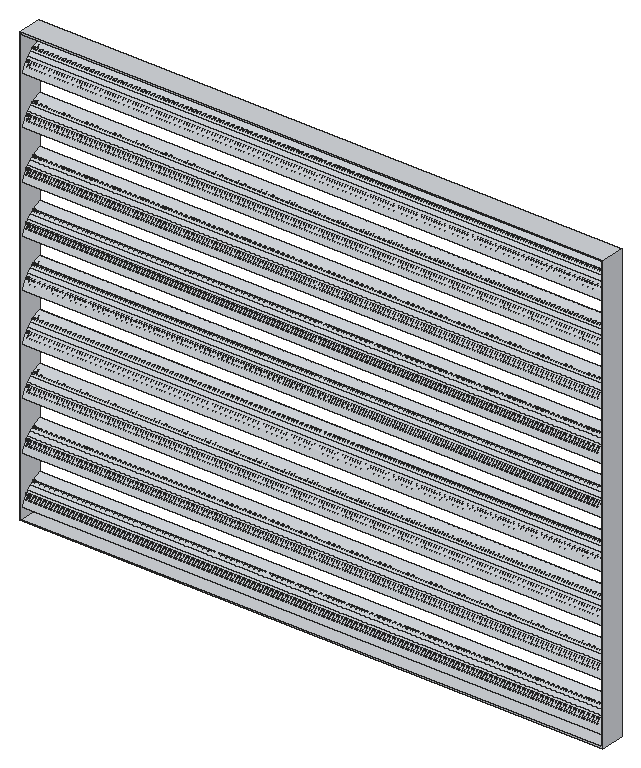
Revit family "Airfoil-Bloc Screen", category Mechanical Equipment, Revit 2015
Parameters
  URL = "http://unitedenertech.com/catalog/pdf/D_4%20AIRFOIL-BLOC%20SCREEN.pdf"
  Type Comments = "Max. Single Section Sizes are (120\"w x 84\"h) or (84\"w x 120\"h)"
  Model = "Airfoil-Bloc Screen"
  Manufacturer = "United Enertech Corporation"
  Keynote = "See Submittal for Max. A, Depth, and Thickness Values."
  Frame Thickness = 0' - 0 1/8"
  Exact Width = 8' - 0"
  Exact Height = 6' - 0"
  Description = "Airfoil-Bloc Architectural Grille. Bar Frame shown, consult factory for Tube or Channel Frame Models."
  Depth = 0' - 4"
  Center Offset (Width) [instance] = ((cos(Blade Angle)) * 0' 5 31/256") / 2  # 0' - 1.81058"
  Center Offset (Height) [instance] = ((sin(Blade Angle)) * 0' 5 31/256") / 2  # 0' - 1.81058"
  Blade Number [instance] = (Exact Height - Frame Thickness * 2 - 0' 2") / A  # 9
  Blade Length [instance] = Exact Width - Frame Thickness * 2  # 7' - 11 3/4"
  Blade Angle = 45.00°
  A = 0' - 8"
Reference planes (in)
  plane 1 "Center (Front/Back)": y = 0
  plane 2: z = 0
  plane 3 "Center (Left/Right)": x = 0
  plane 4: x = -48
  plane 5: x = 48
  plane 6: y = 2
  plane 7: y = -2
  plane 8: z = 72
  plane 9: z = 36
  plane 10: x = -47.875
  plane 11: x = 47.875
  plane 12: z = 0.125
  plane 13: z = 71.875
  plane 14: y = 1.81058
Forms (in)
  Extrusion 1, solid
    sketch origin (0, 0, 0) x (1, 0, 0) y (0, 0, 1)
      loop
        line (-47.875, 71.875) -> (-47.875, 0.125) -> (47.875, 0.125) -> (47.875, 71.875) -> (-47.875, 71.875)
      loop
        line (-48, 72) -> (-48, 0) -> (48, 0) -> (48, 72) -> (-48, 72)
    from -2 to 2
Dimensions and locks (in)
  "Exact Width": plane 4 to plane 5
  "Depth": plane 6 to plane 7
  equal spacing: plane 4, plane 3 "Center (Left/Right)", plane 5
  equal spacing: plane 6, plane 1 "Center (Front/Back)", plane 7
  equal spacing: plane 8, plane 9, level
  "Exact Height": plane 8 to level
  "Frame Thickness": plane 11 to plane 5
  "Frame Thickness": plane 4 to plane 10
  "Frame Thickness": plane 12 to level
  "Frame Thickness": plane 8 to plane 13
  "Center Offset (Width)": plane 14 to plane 1 "Center (Front/Back)"
  equal spacing: group 1, group 2, group 3, group 4, group 5, group 6, group 7, group 8, group 9  (x3)
  "A": nested 1 to nested 2
  aligned and locked: level to plane 2
  aligned and locked: level to Extrusion 1 sketch curve
  aligned and locked: plane 4 to Extrusion 1 sketch curve
  aligned and locked: Extrusion 1 sketch curve to plane 5
  aligned and locked: plane 12 to Extrusion 1 sketch curve
  aligned and locked: plane 11 to Extrusion 1 sketch curve
  aligned and locked: plane 10 to Extrusion 1 sketch curve
  aligned and locked: Extrusion 1 sketch curve to plane 8
  aligned and locked: plane 13 to Extrusion 1 sketch curve
  aligned and locked: Extrusion 1 to plane 6
  aligned and locked: Extrusion 1 to plane 7
  aligned and locked: plane 3 "Center (Left/Right)" to nested 1
  aligned and locked: plane 14 to nested 1
  aligned and locked: nested 1 to nested 2
Nested families (in)
  nested 1: "AB" at (0, 1.81058, 5.5592), type "AB"
    with L 7' - 11 3/4"
  nested 2: "AB" at (0, 1.81058, 13.5592), type "AB"
    with L 7' - 11 3/4"
  nested 3: "AB" at (0, 1.81058, 21.5592), type "AB"
    with L 7' - 11 3/4"
  nested 4: "AB" at (0, 1.81058, 29.5592), type "AB"
    with L 7' - 11 3/4"
  nested 5: "AB" at (0, 1.81058, 37.5592), type "AB"
    with L 7' - 11 3/4"
  nested 6: "AB" at (0, 1.81058, 45.5592), type "AB"
    with L 7' - 11 3/4"
  nested 7: "AB" at (0, 1.81058, 53.5592), type "AB"
    with L 7' - 11 3/4"
  nested 8: "AB" at (0, 1.81058, 61.5592), type "AB"
    with L 7' - 11 3/4"
  nested 9: "AB" at (0, 1.81058, 69.5592), type "AB"
    with L 7' - 11 3/4"
Definition of nested family "AB"
  Parameters (values of type "AB")
    L = 4' - 8"
    A = 45.00°
  Reference planes (in)
    plane 1 "Center (Front/Back)": y = 0
    plane 2: z = 0
    plane 3 "Center (Left/Right)": x = 0
    plane 4: x = -28
    plane 5: x = 28
  Dimensions and locks (in)
    equal spacing: plane 4, plane 3 "Center (Left/Right)", plane 5
    "L": plane 4 to plane 5
    "A": angle nested 1 to level
    aligned and locked: level to plane 2
    aligned and locked: plane 3 "Center (Left/Right)" to nested 1
  Nested families (in)
    nested 1: "Airfoil Blader" at (0, 0, 0) x (1, 0, 0) z (0, -0.7071, 0.7071), type "Airfoil Blader"
      with Length 4' - 8"
  Definition of nested family "Airfoil Blader"
    Parameters (values of type "Airfoil Blader")
      Length = 3' - 10"
      Blade Angle = 30.00°
    Reference planes (in)
      plane 1 "Center (Front/Back)": y = 0
      plane 2: z = 0
      plane 3 "Center (Left/Right)": x = 0
      plane 4: z = -0.61169
      plane 5: z = 0.61169
      plane 6: x = -23
      plane 7: x = 23
    Forms (in)
      Extrusion 1, solid
        sketch origin (0, 5.17054, -4.80797) x (0, 0.965926, -0.258819) y (0, 0.258819, 0.965926)
          loop
            line (-8.50119, 3.33296) -> (-9.23074, 3.13748)
            arc (-9.23074, 3.13748) -> (-10.26662, 2.65874) -> (-11.1846, 1.98085) r 5.62676
            arc (-11.1846, 1.98085) -> (-10.05146, 1.85223) -> (-8.91571, 1.95535) r 5.61154
            line (-8.91571, 1.95535) -> (-8.13728, 2.16393)
            arc (-8.13728, 2.16393) -> (-7.12869, 2.62458) -> (-6.23034, 3.2745) r 5.61289
            line (-6.23034, 3.2745) -> (-6.23875, 3.30591)
            arc (-6.23875, 3.30591) -> (-7.3686, 3.43435) -> (-8.50119, 3.33296) r 5.62545
          loop
            arc (-11.00471, 2.01204) -> (-10.54149, 1.94535) -> (-10.07429, 1.91801) r 5.53815
            arc (-10.07429, 1.91801) -> (-10.0927, 2.04131) -> (-10.02984, 2.14897) r 0.18779
            line (-10.02984, 2.14897) -> (-9.96816, 2.07003)
            arc (-9.96816, 2.07003) -> (-9.89608, 1.91889) -> (-9.86846, 2.08404) r 0.08779
            line (-9.86846, 2.08404) -> (-9.83093, 2.17693)
            arc (-9.83093, 2.17693) -> (-9.7315, 2.06911) -> (-9.73992, 1.9227) r 0.18779
            arc (-9.73992, 1.9227) -> (-8.48112, 2.12528) -> (-7.30201, 2.61037) r 5.53815
            arc (-7.30201, 2.61037) -> (-7.3539, 2.72706) -> (-7.31915, 2.84996) r 0.18779
            line (-7.31915, 2.84996) -> (-7.2402, 2.78828)
            arc (-7.2402, 2.78828) -> (-7.1337, 2.65907) -> (-7.14685, 2.826) r 0.08779
            line (-7.14685, 2.826) -> (-7.13291, 2.9252)
            arc (-7.13291, 2.9252) -> (-7.02977, 2.86908) -> (-6.98012, 2.76267) r 0.18779
            arc (-6.98012, 2.76267) -> (-6.63263, 3.00423) -> (-6.30447, 3.27147) r 5.57217
            arc (-6.30447, 3.27147) -> (-6.95909, 3.3627) -> (-7.61991, 3.37579) r 5.57217
            arc (-7.61991, 3.37579) -> (-7.60141, 3.21013) -> (-7.72196, 3.09502) r 0.18779
            line (-7.72196, 3.09502) -> (-7.74789, 3.19178)
            arc (-7.74789, 3.19178) -> (-7.75518, 3.35907) -> (-7.84514, 3.21784) r 0.08779
            line (-7.84514, 3.21784) -> (-7.91597, 3.14701)
            arc (-7.91597, 3.14701) -> (-7.95957, 3.22675) -> (-7.96061, 3.31763) r 0.18779
            arc (-7.96061, 3.31763) -> (-8.7592, 3.17664) -> (-9.52864, 2.92053) r 5.53815
            arc (-9.52864, 2.92053) -> (-9.46864, 2.83604) -> (-9.46259, 2.73259) r 0.18779
            line (-9.46259, 2.73259) -> (-9.55935, 2.75852)
            arc (-9.55935, 2.75852) -> (-9.70787, 2.83585) -> (-9.63054, 2.68733) r 0.08779
            line (-9.63054, 2.68733) -> (-9.60462, 2.59056)
            arc (-9.60462, 2.59056) -> (-9.76657, 2.62998) -> (-9.83337, 2.78269) r 0.18779
            arc (-9.83337, 2.78269) -> (-10.44353, 2.43459) -> (-11.00471, 2.01204) r 5.53815
        from -23 to 23
    Lines and regions (in)
      reference lines
        curve 1: line (0, 0, 0) -> (0, -9.31727, 0)
    Dimensions and locks (in)
      equal spacing: plane 5, level, plane 4
      equal spacing: plane 6, plane 3 "Center (Left/Right)", plane 7
      "Length": plane 6 to plane 7
      aligned and locked: level to plane 2
      aligned and locked: plane 1 "Center (Front/Back)" to Extrusion 1 sketch curve
      aligned and locked: Extrusion 1 to plane 1 "Center (Front/Back)"  (x2)
      aligned and locked: Extrusion 1 to plane 4
      aligned and locked: plane 5 to Extrusion 1
      aligned and locked: plane 6 to Extrusion 1
      aligned and locked: plane 7 to Extrusion 1
      aligned and locked: level to Extrusion 1
    Automatic sketch dimensions
      curve 1 to level = 0' - 0"
      curve 1 to plane 1 "Center (Front/Back)" = 0' - 0"
      plane 1 "Center (Front/Back)" to curve 1 = 0' - 9.31727"
      Extrusion 1 sketch curve to Extrusion 1 sketch curve = 0' - 0.03626"  (x6)
      Extrusion 1 sketch curve to Extrusion 1 sketch curve = 0' - 0.00134"  (x6)
      Extrusion 1 sketch curve to Extrusion 1 sketch curve = 0' - 0"  (x50)
      Extrusion 1 sketch curve to level = 0' - 0.01626"  (x2)
      Extrusion 1 sketch curve to Extrusion 1 sketch curve = 0' - 0.01394"
      Extrusion 1 sketch curve to Extrusion 1 sketch curve = 0' - 0.01973"
      Extrusion 1 sketch curve to Extrusion 1 sketch curve = 0' - 0.07362"
      Extrusion 1 sketch curve to Extrusion 1 sketch curve = 0' - 0.07894"  (x2)
      Extrusion 1 sketch curve to Extrusion 1 sketch curve = 0' - 0.23372"
      Extrusion 1 sketch curve to Extrusion 1 sketch curve = 0' - 0.40281"
      Extrusion 1 sketch curve to Extrusion 1 sketch curve = 0' - 0.02593"  (x3)
      Extrusion 1 sketch curve to Extrusion 1 sketch curve = 0' - 0.03001"
      Extrusion 1 sketch curve to Extrusion 1 sketch curve = 0' - 0.06724"
      Extrusion 1 sketch curve to Extrusion 1 sketch curve = 0' - 0.07084"  (x2)
      Extrusion 1 sketch curve to Extrusion 1 sketch curve = 0' - 0.22131"
      Extrusion 1 sketch curve to Extrusion 1 sketch curve = 0' - 0.58522"
      Extrusion 1 sketch curve to Extrusion 1 sketch curve = 0' - 0.77843"
      Extrusion 1 sketch curve to Extrusion 1 sketch curve = 0' - 0.23185"
      Extrusion 1 sketch curve to Extrusion 1 sketch curve = 0' - 0.09676"  (x3)
      Extrusion 1 sketch curve to Extrusion 1 sketch curve = 0' - 0.04527"  (x2)
      Extrusion 1 sketch curve to Extrusion 1 sketch curve = 0' - 0.01526"
      Extrusion 1 sketch curve to Extrusion 1 sketch curve = 0' - 0.22632"
      Extrusion 1 sketch curve to Extrusion 1 sketch curve = 0' - 0.03753"
      Extrusion 1 sketch curve to Extrusion 1 sketch curve = 0' - 0.03984"
      Extrusion 1 sketch curve to Extrusion 1 sketch curve = 0' - 0.05986"
      Extrusion 1 sketch curve to Extrusion 1 sketch curve = 0' - 0.06168"  (x2)
      Extrusion 1 sketch curve to Extrusion 1 sketch curve = 0' - 0.05047"
      Extrusion 1 sketch curve to Extrusion 1 sketch curve = 0' - 0.06421"
      Extrusion 1 sketch curve to Extrusion 1 sketch curve = 0' - 0.09288"
      Extrusion 1 sketch curve to Extrusion 1 sketch curve = 0' - 0.41364"
      Extrusion 1 sketch curve to Extrusion 1 sketch curve = 0' - 0.53404"
      Extrusion 1 sketch curve to Extrusion 1 sketch curve = 0' - 0.04782"
      Extrusion 1 sketch curve to Extrusion 1 sketch curve = 0' - 0.0992"
      Extrusion 1 sketch curve to Extrusion 1 sketch curve = 0' - 0.24506"
      Extrusion 1 sketch curve to Extrusion 1 sketch curve = 0' - 0.05199"
      Extrusion 1 sketch curve to Extrusion 1 sketch curve = 0' - 0.06572"
      Extrusion 1 sketch curve to Extrusion 1 sketch curve = 0' - 0.13542"
      Extrusion 1 sketch curve to Extrusion 1 sketch curve = 0' - 0.11547"
      Extrusion 1 sketch curve to Extrusion 1 sketch curve = 0' - 0.18757"
      level to Extrusion 1 sketch curve = 0' - 0"
      Extrusion 1 sketch curve to Extrusion 1 sketch curve = 0' - 0.72954"
      Extrusion 1 sketch curve to Extrusion 1 sketch curve = 0' - 0.00072"  (x4)
      Extrusion 1 sketch curve to Extrusion 1 sketch curve = 0' - 0.00879"  (x4)
      Extrusion 1 sketch curve to Extrusion 1 sketch curve = 0' - 0.00378"  (x4)
      Extrusion 1 sketch curve to Extrusion 1 sketch curve = 0' - 0.00797"  (x4)
      Extrusion 1 sketch curve to Extrusion 1 sketch curve = 0' - 0.03497"  (x2)
      Extrusion 1 sketch curve to Extrusion 1 sketch curve = 0' - 0.01146"  (x2)
      Extrusion 1 sketch curve to Extrusion 1 sketch curve = 0' - 0.75388"
      Extrusion 1 sketch curve to Extrusion 1 sketch curve = 0' - 0.00841"
      Extrusion 1 sketch curve to Extrusion 1 sketch curve = 0' - 0.03554"
      Extrusion 1 sketch curve to Extrusion 1 sketch curve = 0' - 0.00746"
      Extrusion 1 sketch curve to Extrusion 1 sketch curve = 0' - 0.0312"  (x3)
      Extrusion 1 sketch curve to Extrusion 1 sketch curve = 0' - 0.01944"  (x3)
      level to Extrusion 1 sketch curve = 0' - 0.00017"
      Extrusion 1 sketch curve to plane 5 = 0' - 0"  (x2)
      Extrusion 1 sketch curve to plane 4 = 0' - 0"  (x2)
